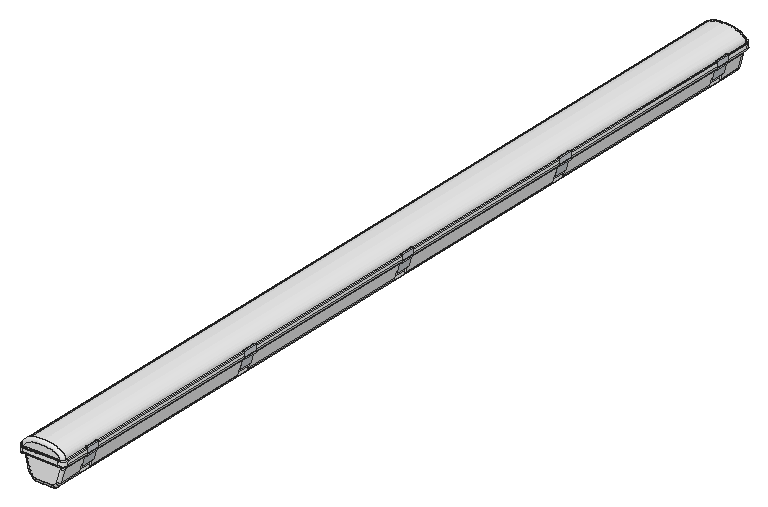
Revit family "0067993 Sylvania Lighting Fixture START Waterproof Single 1500 Opal IP65 3700lm 840", category Lighting Fixtures, host Face, Revit 2016
Family settings
  Host = Face
  Part Type = Normal
  Round Connector Dimension = Use Diameter
  OmniClass Number = 23.80.70.11.14
  OmniClass Title = General Luminaries, Directional
  Cut with Voids When Loaded = No
  Light Source = Yes
  Shared = No
  Room Calculation Point = No
Parameters (values of type "0067993 ST WTRPRF S 1500 OPAL IP65 3700LM 840")
  Width = 84 mm
  Weight = "kg"
  Wattage Comments = "n/a"
  Wattage = 33 W
  WarrantyStartDate [instance] = "n/a"
  WarrantyGuarantorParts = "n/a"
  WarrantyDurationUnit = "n/a"
  WarrantyDurationParts = "n/a"
  WarrantyDescription = "n/a"
  built-in parameter 1150110 = 1 (stored number, unit not read)
  Voltage = 0 V
  URL = "http://www.sylvania-lighting.com"
  TypeName = "START Waterproof Single 1500 Opal IP65 3700lm 840"
  Type Image = <None>
  Type Comments = "n/a"
  built-in parameter 1114217 = 1 (stored number, unit not read)
  Tilt Angle = -90.00°
  built-in parameter 1150109 = 1 (stored number, unit not read)
  built-in parameter 1150134 = 12
  built-in parameter 1150113 = 1 (stored number, unit not read)
  SerialNumber [instance] = "n/a"
  ReflectorMaterial = none
  PowerFactor = 0
  PowerConsumption = "33 W"
  Photometric Web File = "0067993.ies"
  NominalWidth = 0 mm
  NominalLength = 1578 mm
  NominalHeight = 75 mm
  Name = "START Waterproof Single 1500 Opal IP65 3700lm 840"
  ModelReference = "START Waterproof Single 1500 Opal IP65 3700lm 840"
  ModelNumber = "0067993"
  Model = "START Waterproof Single 1500 Opal IP65 3700lm 840"
  Material = "polycarbonate housing, polycarbonate diffuser"
  ManufacturerName = "Feilo Sylvania"
  Manufacturer = "Feilo Sylvania"
  LuminousEfficacy = "112 lm/W"
  built-in parameter 1150105 = 294.12 (stored number, unit not read)
  Lumens = 3696 lm
  LuminaireType = ""
  built-in parameter 1150115 = 1 (stored number, unit not read)
  LightOutputRatio = "n/a"
  built-in parameter 1150137 = (empty or 0)
  built-in parameter 1150139 = (empty or 0)
  Length = 1572 mm
  LampsType = Lamp  # "LED"
  LampNominalLuminous = "3700 lm"
  LampMacAdamStep = "n/a"
  LampColourTemperature = "4000 K"
  LampColourRenderingIndex = "80"
  built-in parameter 1150112 = 1 (stored number, unit not read)
  built-in parameter 1150114 = 1 (stored number, unit not read)
  Lamp = "LED"
  Keynote = "16500"
  InstallationDate [instance] = "n/a"
  InputVoltage = "n/a"
  InputNominalFrequency = "n/a"
  built-in parameter 1150132 = (empty or 0)
  built-in parameter 1150102 = (empty or 0)
  built-in parameter 1150107 = 4000 (stored number, unit not read)
  built-in parameter 1150138 = (empty or 0)
  IngressProtection = "IP65"
  ImpactProtectionIndex = "IK08"
  built-in parameter 1150106 = 2.9412 (stored number, unit not read)
  IfcExportType = "IfcLightFixtureType"
  IfcExportAs = "IfcLightFixtureType"
  ExpectedLife = 50000
  Emit from Rectangle Width = Width - 20 mm  # 64 mm
  Emit from Rectangle Length = Length - 20 mm  # 1552 mm
  Emit Shape Visible in Rendering = no
  ElectricShockClassification = "Class I"
  built-in parameter 1150104 = 10.405 (stored number, unit not read)
  DurationUnit = "hours"
  DocumentationLiterature = "http://www.sylvania-lighting.com/product/en-int/products/0067993"
  DimmingControlOptions = "n/a"
  Dimming Lamp Color Temperature Shift = <None>
  DiffuserMaterial = Diffuser-Sylvania-Transparent
  Description = ""
  Default Elevation = 1219.2 mm
  CreatedOn = "11/27/2018"
  CreatedBy = "@sylvania-lighting.com"
  Cost = 0
  Color Filter = 16777215
  built-in parameter 1114216 [instance] = (empty or 0)
  ClassificationValue = "EF_70_80"
  ClassificationName = "Uniclass2015"
  BodyMaterial = Body-Sylvania-Gray
  BarCode [instance] = "n/a"
  built-in parameter 1114218 = 1 (stored number, unit not read)
  built-in parameter 1150133 = 10 (stored number, unit not read)
  AssetType = "Fixed"
  AssetIdentifier [instance] = "n/a"
  Assembly Code = "D5020200"
  Apparent Load = 33 VA
  AccessoryMaterial = Diffuser-Sylvania-Glow
Reference planes
  plane 1 "Center (Front/Back)": y = 0
  plane 2: z = 0
  plane 3 "Center (Left/Right)": x = 0
  plane 4: z = 54
  plane 5: x = -14.7
  plane 6: x = -21.8
  plane 7: x = -26.6
  plane 8: x = -29.2
  plane 9: z = 3
  plane 10: z = 7.8
  plane 11: z = 12.3
  plane 12: z = 36.6
  plane 13: z = 42.8
  plane 14: x = -38.1
  plane 15: z = 46.2
  plane 16: x = -42
  plane 17: y = 786
  plane 18: y = -786
  plane 19: x = 14.7
  plane 20: x = 21.8
  plane 21: x = 26.6
  plane 22: x = 29.2
  plane 23: x = 38.1
  plane 24: x = 42
  plane 25: y = 778.4
  plane 26: y = -778.4
  plane 27: y = -774.7
  plane 28: y = 774.7
  plane 29: z = 74
  plane 30: x = -38.5
  plane 31: x = 38.5
  plane 32: z = 55.2
  plane 33: y = -782.5
  plane 34: y = 782.5
  plane 35: x = -24.5
  plane 36: x = 24.5
  plane 37: x = -35.7
  plane 38: x = 35.7
  plane 39: z = 50.2
  plane 40: z = 24.6
  plane 41: y = -720
  plane 42: y = -734
  plane 43: y = -706
  plane 44: y = 720
  plane 45: y = -720
  plane 46: y = -734
  plane 47: y = -706
  plane 48: y = 720
  plane 49: y = 706
  plane 50: y = 734
  plane 51: y = -360
  plane 52: y = -374
  plane 53: y = -346
  plane 54: y = 0
  plane 55: y = -14
  plane 56: y = 14
  plane 57: y = 360
  plane 58: y = 346
  plane 59: y = 374
Forms (mm)
  Sweep 1, solid, material "Body-Sylvania-Gray" <- "BodyMaterial", detail levels medium+fine
    path origin (1223.4, -4572, 54) x (0, -1, 0) y (1, 0, 0)
      loop
        arc (-3796, -1265.4) -> (-3788.929, -1262.471) -> (-3786, -1255.4) r 10
        line (-3786, -1255.4) -> (-3786, -1191.4)
        arc (-3786, -1191.4) -> (-3788.929, -1184.329) -> (-3796, -1181.4) r 10
        line (-3796, -1181.4) -> (-5348, -1181.4)
        arc (-5348, -1181.4) -> (-5355.071, -1184.329) -> (-5358, -1191.4) r 10
        line (-5358, -1191.4) -> (-5358, -1255.4)
        arc (-5358, -1255.4) -> (-5355.071, -1262.471) -> (-5348, -1265.4) r 10
        line (-5348, -1265.4) -> (-3796, -1265.4)
    profile origin (-42, 0, 54) x (-1, 0, 0) y (0, 0, 1)
      loop
        line (0, 0) -> (-1, 0) -> (-1, -7.726)
        arc (-1, -7.726) -> (-1.994, -9.498) -> (-3.9, -10.2) r 2.937
        line (-3.9, -10.2) -> (-8.571, -10.2) -> (-8.571, -11.2) -> (-3.9, -11.2)
        arc (-3.9, -11.2) -> (-1.313, -10.231) -> (0, -7.8) r 3.937
        line (0, -7.8) -> (0, 0)
  Sweep 2, solid, material "Body-Sylvania-Gray" <- "BodyMaterial", detail levels medium+fine
    path origin (0, 0, 0) x (1, 0, 0) y (0, 0, 1)
      loop
        line (35.7, 42.8) -> (35.7, 36.6) -> (29.203, 12.31)
        arc (29.203, 12.31) -> (28.199, 9.884) -> (26.6, 7.8) r 10.052
        line (26.6, 7.8) -> (21.8, 3)
        arc (21.8, 3) -> (18.554, 0.781) -> (14.7, 0) r 9.902
        line (14.7, 0) -> (0, 0) -> (-14.7, 0)
        arc (-14.7, 0) -> (-18.554, 0.781) -> (-21.8, 3) r 9.902
        line (-21.8, 3) -> (-26.6, 7.8)
        arc (-26.6, 7.8) -> (-28.199, 9.884) -> (-29.203, 12.31) r 10.052
        line (-29.203, 12.31) -> (-35.7, 36.6) -> (-35.7, 42.8)
    profile origin (0, 0, 0) x (0, 0, -1) y (0, -1, 0)
      loop
        arc (0, 773.4) -> (-1.464, 776.936) -> (-5, 778.4) r 5
        line (-5, 778.4) -> (-7.8, 778.4) -> (-7.8, -778.4) -> (-5, -778.4)
        arc (-5, -778.4) -> (-1.464, -776.936) -> (0, -773.4) r 5
        line (0, -773.4) -> (0, 773.4)
  Extrusion 3, solid, material "Body-Sylvania-Gray" <- "BodyMaterial", detail levels medium+fine
    sketch origin (1524, 778.4, 1219.2) x (1, 0, 0) y (0, 0, 1)
      loop
        arc (-1545.668, -1204.874) -> (-1545.443, -1205.418) -> (-1545.085, -1205.885) r 2.252
        line (-1545.085, -1205.885) -> (-1540.231, -1210.738)
        arc (-1540.231, -1210.738) -> (-1539.534, -1211.227) -> (-1538.7, -1211.4) r 2.102
        line (-1538.7, -1211.4) -> (-1509.3, -1211.4)
        arc (-1509.3, -1211.4) -> (-1508.466, -1211.227) -> (-1507.769, -1210.738) r 2.102
        line (-1507.769, -1210.738) -> (-1502.915, -1205.885)
        arc (-1502.915, -1205.885) -> (-1502.557, -1205.418) -> (-1502.332, -1204.874) r 2.252
        line (-1502.332, -1204.874) -> (-1496.1, -1181.575) -> (-1496.1, -1176.4) -> (-1551.9, -1176.4) -> (-1551.9, -1181.575) -> (-1545.668, -1204.874)
    from 0 to 1556.8
  Sweep 4, solid, material "Diffuser-Sylvania-Transparent" <- "DiffuserMaterial", detail levels medium+fine
    path origin (0, 0, 0) x (1, 0, 0) y (0, 0, 1)
      loop
        spline (-38.5, 55.2) -> (-37.188, 60.066) -> (-33.342, 64.6) -> (-27.224, 68.494) -> (-19.25, 71.481) -> (-9.965, 73.359) -> (0, 74) -> (9.965, 73.359) -> (19.25, 71.481) -> (27.224, 68.494) -> (33.342, 64.6) -> (37.188, 60.066) -> (38.5, 55.2)
    profile origin (38.5, 0, 55.2) x (0, -1, 0) y (1, 0, 0)
      loop
        arc (782.5, -5.5) -> (780.889, -1.611) -> (777, 0) r 5.5
        line (777, 0) -> (-777, 0)
        arc (-777, 0) -> (-780.889, -1.611) -> (-782.5, -5.5) r 5.5
        line (-782.5, -5.5) -> (-782.5, -6.3) -> (-781.5, -6.3) -> (-781.5, -5.5)
        arc (-781.5, -5.5) -> (-780.182, -2.318) -> (-777, -1) r 4.5
        line (-777, -1) -> (777, -1)
        arc (777, -1) -> (780.182, -2.318) -> (781.5, -5.5) r 4.5
        line (781.5, -5.5) -> (781.5, -6.347) -> (782.5, -6.347) -> (782.5, -5.5)
  Extrusion 5, solid, material "Diffuser-Sylvania-Transparent" <- "DiffuserMaterial", detail levels medium+fine
    sketch origin (1524, -782.5, 1219.2) x (1, 0, 0) y (0, 0, 1)
      loop
        line (-1556.653, -1164) -> (-1491.347, -1164)
        spline (-1491.347, -1164) -> (-1491.939, -1161.945) -> (-1494.434, -1159.066) -> (-1499.342, -1155.96) -> (-1506.338, -1153.35) -> (-1514.799, -1151.648) -> (-1524, -1151.047) -> (-1533.201, -1151.648) -> (-1541.662, -1153.35) -> (-1548.658, -1155.96) -> (-1553.566, -1159.066) -> (-1556.061, -1161.945) -> (-1556.653, -1164)
    from 0 to -1
  Extrusion 6, solid, material "Diffuser-Sylvania-Transparent" <- "DiffuserMaterial", detail levels medium+fine
    sketch origin (1524, 782.5, 1219.2) x (1, 0, 0) y (0, 0, 1)
      loop
        spline (-1491.3, -1164) -> (-1491.898, -1161.922) -> (-1494.404, -1159.03) -> (-1499.322, -1155.918) -> (-1506.325, -1153.305) -> (-1514.793, -1151.602) -> (-1524, -1151) -> (-1533.207, -1151.602) -> (-1541.675, -1153.305) -> (-1548.678, -1155.918) -> (-1553.596, -1159.03) -> (-1556.102, -1161.922) -> (-1556.7, -1164)
        line (-1556.7, -1164) -> (-1491.3, -1164)
    from 0 to 1
  Extrusion 7, solid, material "Diffuser-Sylvania-Glow" <- "AccessoryMaterial", detail levels fine
    sketch origin (0, 0, 0) x (1, 0, 0) y (0, 0, 1)
      loop
        circle (0, 50.2) r 8
    from -774.7 to 774.7
  Extrusion 8, void
    sketch origin (0, -720, 2343.807) x (0, 0, -1) y (-1, 0, 0)
      loop
        line (2340.807, -24.5) -> (2331.507, -24.5) -> (2319.207, -29.2) -> (2319.207, -35.7) -> (2340.807, -35.7) -> (2340.807, -24.5)
      loop
        line (2340.807, 24.5) -> (2340.807, 35.7) -> (2319.207, 35.7) -> (2319.207, 29.2) -> (2331.507, 24.5) -> (2340.807, 24.5)
    from 14 to -14
  Extrusion 9, void, not visible
    sketch origin (0, -720, 2343.807) x (0, 0, -1) y (-1, 0, 0)
      loop
        line (2340.807, -24.5) -> (2331.507, -24.5) -> (2319.207, -29.2) -> (2319.207, -35.7) -> (2340.807, -35.7) -> (2340.807, -24.5)
      loop
        line (2340.807, 24.5) -> (2340.807, 35.7) -> (2319.207, 35.7) -> (2319.207, 29.2) -> (2331.507, 24.5) -> (2340.807, 24.5)
    from 14 to -14
  Extrusion 10, void
    sketch origin (0, 720, 2343.807) x (0, 0, -1) y (-1, 0, 0)
      loop
        line (2340.807, -24.5) -> (2331.507, -24.5) -> (2319.207, -29.2) -> (2319.207, -35.7) -> (2340.807, -35.7) -> (2340.807, -24.5)
      loop
        line (2340.807, 24.5) -> (2340.807, 35.7) -> (2319.207, 35.7) -> (2319.207, 29.2) -> (2331.507, 24.5) -> (2340.807, 24.5)
    from 14 to -14
  Extrusion 11, void
    sketch origin (0, -360, 2343.807) x (0, 0, -1) y (-1, 0, 0)
      loop
        line (2340.807, -24.5) -> (2331.507, -24.5) -> (2319.207, -29.2) -> (2319.207, -35.7) -> (2340.807, -35.7) -> (2340.807, -24.5)
      loop
        line (2340.807, 24.5) -> (2340.807, 35.7) -> (2319.207, 35.7) -> (2319.207, 29.2) -> (2331.507, 24.5) -> (2340.807, 24.5)
    from 14 to -14
  Extrusion 12, void
    sketch origin (0, 0, 2343.807) x (0, 0, -1) y (-1, 0, 0)
      loop
        line (2340.807, -24.5) -> (2331.507, -24.5) -> (2319.207, -29.2) -> (2319.207, -35.7) -> (2340.807, -35.7) -> (2340.807, -24.5)
      loop
        line (2340.807, 24.5) -> (2340.807, 35.7) -> (2319.207, 35.7) -> (2319.207, 29.2) -> (2331.507, 24.5) -> (2340.807, 24.5)
    from 14 to -14
  Extrusion 13, void
    sketch origin (0, 360, 2343.807) x (0, 0, -1) y (-1, 0, 0)
      loop
        line (2340.807, -24.5) -> (2331.507, -24.5) -> (2319.207, -29.2) -> (2319.207, -35.7) -> (2340.807, -35.7) -> (2340.807, -24.5)
      loop
        line (2340.807, 24.5) -> (2340.807, 35.7) -> (2319.207, 35.7) -> (2319.207, 29.2) -> (2331.507, 24.5) -> (2340.807, 24.5)
    from 14 to -14
  Extrusion 14, solid, material "Diffuser-Sylvania-Transparent" <- "DiffuserMaterial", detail levels medium+fine
    sketch origin (1223.4, -4572, 54) x (0, -1, 0) y (-1, 0, 0)
      loop
        arc (-5348, 1265.4) -> (-5355.071, 1262.471) -> (-5358, 1255.4) r 10
        line (-5358, 1255.4) -> (-5358, 1191.4)
        arc (-5358, 1191.4) -> (-5355.071, 1184.329) -> (-5348, 1181.4) r 10
        line (-5348, 1181.4) -> (-3796, 1181.4)
        arc (-3796, 1181.4) -> (-3788.929, 1184.329) -> (-3786, 1191.4) r 10
        line (-3786, 1191.4) -> (-3786, 1255.4)
        arc (-3786, 1255.4) -> (-3788.929, 1262.471) -> (-3796, 1265.4) r 10
        line (-3796, 1265.4) -> (-5348, 1265.4)
      loop
        arc (-5354.5, 1190.394) -> (-5352.887, 1186.509) -> (-5349, 1184.9) r 5.5
        line (-5349, 1184.9) -> (-3795, 1184.9)
        arc (-3795, 1184.9) -> (-3791.113, 1186.509) -> (-3789.5, 1190.394) r 5.5
        line (-3789.5, 1190.394) -> (-3789.5, 1256.406)
        arc (-3789.5, 1256.406) -> (-3791.113, 1260.291) -> (-3795, 1261.9) r 5.5
        line (-3795, 1261.9) -> (-5349, 1261.9)
        arc (-5349, 1261.9) -> (-5352.887, 1260.291) -> (-5354.5, 1256.406) r 5.5
        line (-5354.5, 1256.406) -> (-5354.5, 1190.394)
    from 0 to -1.2
  Extrusion 15, solid, material "Body-Sylvania-Gray" <- "BodyMaterial", detail levels coarse
    sketch origin (0, 0, 0) x (1, 0, 0) y (0, 0, 1)
      loop
        line (-42, 55.2) -> (-42, 42.8) -> (-26.6, 0) -> (26.6, 0) -> (42, 42.8) -> (42, 55.2) -> (-42, 55.2)
    from -786 to 786
  Extrusion 16, solid, material "Diffuser-Sylvania-Transparent" <- "DiffuserMaterial", detail levels coarse
    sketch origin (0, 0, 0) x (1, 0, 0) y (0, 0, 1)
      loop
        line (-38.5, 55.2) -> (38.5, 55.2)
        arc (38.5, 55.2) -> (0, 74) -> (-38.5, 55.2) r 48.822
    from -778.4 to 778.4
Cuts and joins
  Extrusion 8, Extrusion 10, Extrusion 11, Extrusion 12, Extrusion 13 cuts Sweep 2
  Extrusion 8, Extrusion 10, Extrusion 11, Extrusion 12, Extrusion 13 cuts Extrusion 3
  joined: Sweep 2, Extrusion 3
  joined: Sweep 4, Extrusion 5, Extrusion 6, Extrusion 14
Dimensions and locks
  locked: plane 4 to plane 2 at 54
  plane 5 to plane 6 to plane 7 to plane 8 to plane 14 to plane 16 = 7.1 mm locked, 4.8 mm locked, 2.6 mm locked, 8.9 mm locked, 3.9 mm locked
  plane 4 to plane 15 to plane 13 to plane 12 to plane 11 to plane 10 to plane 9 = 7.8 mm locked, 3.4 mm, 6.2 mm locked, 24.3 mm locked, 4.5 mm locked, 4.8 mm locked
  equal spacing: plane 18, plane 1 "Center (Front/Back)", plane 17
  "Length": plane 18 to plane 17
  plane 19 to plane 20 to plane 21 to plane 22 to plane 23 to plane 24 = 7.1 mm locked, 4.8 mm locked, 2.6 mm locked, 8.9 mm, 3.9 mm
  equal spacing: plane 24, plane 3 "Center (Left/Right)", plane 16
  "Width": plane 24 to plane 16
  equal spacing: plane 27, plane 1 "Center (Front/Back)", plane 28
  locked: plane 26 to plane 27 at 3.7
  locked: Sweep 1 sketch curve to profile plane at 1
  locked: Sweep 1 sketch curve to plane 13 at 1
  locked: Sweep 1 sketch curve to plane 13 at 3.937  (x2)
  locked: Sweep 1 sketch curve to profile plane at 3.9  (x2)
  plane 29 to plane 4 = 20 mm
  equal spacing: plane 31, plane 3 "Center (Left/Right)", plane 30
  locked: plane 30 to plane 16 at 3.5
  locked: plane 32 to plane 4 at 1.2
  equal spacing: plane 33, plane 1 "Center (Front/Back)", plane 34
  equal spacing: plane 36, plane 3 "Center (Left/Right)", plane 35
  locked: plane 34 to plane 17 at 3.5
  equal spacing: plane 38, plane 3 "Center (Left/Right)", plane 37
  locked: plane 37 to plane 16 at 6.3
  equal spacing: plane 25, plane 1 "Center (Front/Back)", plane 26
  locked: plane 17 to plane 25 at 7.6
  locked: Sweep 2 sketch curve to plane 2 at 5  (x2)
  locked: Sweep 2 sketch curve to plane 26 at 5
  locked: plane 25 to Sweep 2 sketch curve at 5
  locked: Sweep 4 sketch curve to plane 31 at 5.5  (x2)
  locked: Sweep 4 sketch curve to plane 34 at 5.5
  plane 33 to Sweep 4 sketch curve = 5.5 mm
  locked: plane 34 to Sweep 4 sketch curve at 1
  locked: Sweep 4 sketch curve to plane 31 at 1
  locked: Sweep 4 sketch curve to Sweep 4 sketch curve at 1
  locked: Sweep 4 sketch curve to plane 31 at 6.347
  locked: Sweep 4 sketch curve to plane 31 at 6.3
  locked: plane 40 to plane 2 at 24.6
  locked: plane 6 to plane 35 at 2.7
  locked: plane 1 "Center (Front/Back)" to plane 41 at 720
  plane 43 to plane 41 to plane 42 = 14 mm locked, 14 mm locked
  locked: plane 44 to plane 1 "Center (Front/Back)" at 720
  plane 47 to plane 45 to plane 46 = 14 mm locked, 14 mm locked
  plane 50 to plane 48 to plane 49 = 14 mm locked, 14 mm locked  (x2)
  equal spacing: group 1, group 6, group 7, group 8, group 5  (x3)
  plane 53 to plane 51 to plane 52 = 14 mm locked, 14 mm locked  (x2)
  plane 56 to plane 54 to plane 55 = 14 mm locked, 14 mm locked  (x2)
  plane 59 to plane 57 to plane 58 = 14 mm locked, 14 mm locked  (x2)
  plane 48 to plane 57 to plane 1 "Center (Front/Back)" to plane 51 to plane 41 = 360 mm locked, 360 mm locked, 360 mm locked, 360 mm locked
  aligned and locked: plane 2 to host face
  aligned and locked: level to host face
  aligned and locked: plane 16 to Sweep 1 sketch curve
  aligned and locked: Sweep 1 sketch curve to plane 24
  aligned and locked: plane 18 to Sweep 1 sketch curve
  aligned and locked: Sweep 1 sketch curve to plane 13
  aligned and locked: profile plane to Sweep 1 sketch curve
  aligned and locked: plane 3 "Center (Left/Right)" to Sweep 2 sketch curve
  aligned and locked: plane 9 to Sweep 2 sketch curve
  aligned and locked: plane 10 to Sweep 2 sketch curve
  aligned and locked: plane 37 to Sweep 2 sketch curve
  aligned and locked: plane 12 to Sweep 2 sketch curve
  aligned and locked: Sweep 2 sketch curve to level
  aligned and locked: plane 21 to Sweep 2 sketch curve
  aligned and locked: plane 38 to Sweep 2 sketch curve
  aligned and locked: profile plane to Sweep 2 sketch curve
  aligned and locked: plane 25 to Sweep 2 sketch curve
  aligned and locked: Sweep 2 sketch curve to plane 10
  aligned and locked: Extrusion 3 sketch curve to Sweep 2  (x7)
  aligned and locked: Sweep 2 to Extrusion 3 sketch curve
  aligned and locked: Extrusion 3 to plane 25
  aligned and locked: plane 26 to Extrusion 3
  aligned and locked: plane 32 to Sweep 4 sketch curve
  aligned and locked: plane 33 to Sweep 4 sketch curve
  aligned and locked: Sweep 4 to Extrusion 5
  aligned and locked: plane 33 to Extrusion 5
  aligned and locked: plane 39 to Extrusion 7 sketch curve
  aligned and locked: plane 27 to Extrusion 7
  aligned and locked: Extrusion 7 to plane 28
  aligned and locked: Extrusion 6 sketch curve to Sweep 4
  aligned and locked: Extrusion 5 sketch curve to Sweep 4
  aligned and locked: Extrusion 8 to plane 43
  aligned and locked: plane 42 to Extrusion 8
  aligned and locked: Extrusion 10 to plane 50
  aligned and locked: plane 49 to Extrusion 10
  aligned and locked: Extrusion 11 to plane 53
  aligned and locked: plane 52 to Extrusion 11
  aligned and locked: Extrusion 12 to plane 56
  aligned and locked: plane 55 to Extrusion 12
  aligned and locked: Extrusion 13 to plane 59
  aligned and locked: plane 58 to Extrusion 13
  aligned and locked: plane 3 "Center (Left/Right)" to Extrusion 7 sketch curve
  aligned and locked: Extrusion 14 sketch curve to Sweep 1  (x4)
  aligned and locked: Extrusion 14 to plane 32
  aligned and locked: plane 4 to Extrusion 14
  aligned and locked: plane 48 to nested 1
  aligned and locked: plane 57 to nested 2
  aligned and locked: plane 54 to nested 3
  aligned and locked: nested 4 to plane 51
  aligned and locked: nested 5 to plane 41
  aligned and locked: plane 41 to nested 10
  aligned and locked: plane 51 to nested 9
  aligned and locked: plane 54 to nested 8
  aligned and locked: plane 57 to nested 7
  aligned and locked: plane 48 to nested 6
  aligned and locked: plane 1 "Center (Front/Back)" to imposter light
  aligned and locked: plane 3 "Center (Left/Right)" to imposter light
  aligned and locked: imposter light to plane 29
  aligned and locked: plane 7 to Extrusion 15 sketch curve
  aligned and locked: plane 2 to Extrusion 15 sketch curve
  aligned and locked: Extrusion 15 sketch curve to nested 6
  aligned and locked: Extrusion 15 sketch curve to nested 1
  aligned and locked: plane 18 to Extrusion 15
  aligned and locked: Extrusion 15 to plane 17
  aligned and locked: Extrusion 15 to Sweep 1  (x2)
  aligned and locked: plane 30 to Extrusion 16 sketch curve
  aligned and locked: plane 31 to Extrusion 16 sketch curve
  aligned and locked: Extrusion 16 sketch curve to cut or joined group of Sweep 4, Extrusion 5, Extrusion 6, Extrusion 14
  aligned and locked: Extrusion 16 to plane 25
  aligned and locked: plane 26 to Extrusion 16
Automatic sketch dimensions
  host sketch curve to host sketch curve = 2438.4 mm  (x2)
  plane 17 to Sweep 1 sketch curve = 0 mm
  Sweep 1 sketch curve to plane 28 = 1.3 mm
  Sweep 1 sketch curve to plane 7 = 5.4 mm
  plane 27 to Sweep 1 sketch curve = 1.3 mm  (x2)
  Sweep 1 sketch curve to Sweep 1 sketch curve = 4.671 mm
  Sweep 1 sketch curve to plane 4 = 0 mm
  Sweep 2 sketch curve to plane 7 = 0 mm
  Sweep 2 sketch curve to plane 6 = 0 mm
  Sweep 2 sketch curve to plane 5 = 0 mm
  plane 19 to Sweep 2 sketch curve = 0 mm
  Sweep 2 sketch curve to plane 9 = 0 mm
  plane 20 to Sweep 2 sketch curve = 0 mm
  Sweep 2 sketch curve to plane 12 = 0 mm
  Sweep 2 sketch curve to plane 10 = 0 mm
  Sweep 2 sketch curve to plane 13 = 0 mm  (x2)
  Sweep 2 sketch curve to plane 8 = 0.003 mm
  plane 6 to Sweep 2 sketch curve = 2.308 mm
  plane 20 to Sweep 2 sketch curve = 2.308 mm
  Sweep 2 sketch curve to plane 22 = 0.003 mm
  Sweep 2 sketch curve to plane 11 = 0.01 mm  (x2)
  Extrusion 3 sketch curve to plane 5 = 0 mm
  plane 19 to Extrusion 3 sketch curve = 0 mm
  plane 6 to Extrusion 3 sketch curve = 0.132 mm
  plane 6 to Extrusion 3 sketch curve = 0.715 mm
  Extrusion 3 sketch curve to Extrusion 3 sketch curve = 1.592 mm
  Extrusion 3 sketch curve to plane 10 = 0.662 mm  (x2)
  plane 20 to Extrusion 3 sketch curve = 2.308 mm
  plane 20 to Extrusion 3 sketch curve = 0.715 mm
  plane 20 to Extrusion 3 sketch curve = 0.132 mm
  Sweep 4 sketch curve to plane 30 = 0 mm
  Sweep 4 sketch curve to plane 3 "Center (Left/Right)" = 0 mm
  Sweep 4 sketch curve to Sweep 4 sketch curve = 0 mm  (x2)
  plane 37 to Extrusion 6 sketch curve = 3 mm
  Extrusion 6 sketch curve to plane 38 = 3 mm
  plane 37 to Extrusion 5 sketch curve = 3.047 mm
  Extrusion 5 sketch curve to plane 38 = 3.047 mm
  Extrusion 8 sketch curve to Extrusion 8 sketch curve = 0 mm
  Extrusion 8 sketch curve to Extrusion 8 sketch curve = 12.3 mm  (x2)
  Extrusion 8 sketch curve to Extrusion 8 sketch curve = 9.3 mm  (x2)
  Extrusion 8 sketch curve to Extrusion 8 sketch curve = 6.5 mm  (x2)
  Extrusion 8 sketch curve to Extrusion 8 sketch curve = 4.7 mm  (x2)
  Extrusion 8 sketch curve to Extrusion 8 sketch curve = 49 mm
  Extrusion 9 sketch curve to Extrusion 9 sketch curve = 0 mm
  Extrusion 9 sketch curve to Extrusion 9 sketch curve = 12.3 mm  (x2)
  Extrusion 9 sketch curve to Extrusion 9 sketch curve = 9.3 mm  (x2)
  Extrusion 9 sketch curve to Extrusion 9 sketch curve = 6.5 mm  (x2)
  Extrusion 9 sketch curve to Extrusion 9 sketch curve = 4.7 mm  (x2)
  Extrusion 9 sketch curve to Extrusion 9 sketch curve = 49 mm
  Extrusion 10 sketch curve to Extrusion 10 sketch curve = 0 mm
  Extrusion 10 sketch curve to Extrusion 10 sketch curve = 12.3 mm  (x2)
  Extrusion 10 sketch curve to Extrusion 10 sketch curve = 9.3 mm  (x2)
  Extrusion 10 sketch curve to Extrusion 10 sketch curve = 6.5 mm  (x2)
  Extrusion 10 sketch curve to Extrusion 10 sketch curve = 4.7 mm  (x2)
  Extrusion 10 sketch curve to Extrusion 10 sketch curve = 49 mm
  Extrusion 11 sketch curve to Extrusion 11 sketch curve = 0 mm
  Extrusion 11 sketch curve to Extrusion 11 sketch curve = 12.3 mm  (x2)
  Extrusion 11 sketch curve to Extrusion 11 sketch curve = 9.3 mm  (x2)
  Extrusion 11 sketch curve to Extrusion 11 sketch curve = 6.5 mm  (x2)
  Extrusion 11 sketch curve to Extrusion 11 sketch curve = 4.7 mm  (x2)
  Extrusion 11 sketch curve to Extrusion 11 sketch curve = 49 mm
  Extrusion 12 sketch curve to Extrusion 12 sketch curve = 0 mm
  Extrusion 12 sketch curve to Extrusion 12 sketch curve = 12.3 mm  (x2)
  Extrusion 12 sketch curve to Extrusion 12 sketch curve = 9.3 mm  (x2)
  Extrusion 12 sketch curve to Extrusion 12 sketch curve = 6.5 mm  (x2)
  Extrusion 12 sketch curve to Extrusion 12 sketch curve = 4.7 mm  (x2)
  Extrusion 12 sketch curve to Extrusion 12 sketch curve = 49 mm
  Extrusion 13 sketch curve to Extrusion 13 sketch curve = 0 mm
  Extrusion 13 sketch curve to Extrusion 13 sketch curve = 12.3 mm  (x2)
  Extrusion 13 sketch curve to Extrusion 13 sketch curve = 9.3 mm  (x2)
  Extrusion 13 sketch curve to Extrusion 13 sketch curve = 6.5 mm  (x2)
  Extrusion 13 sketch curve to Extrusion 13 sketch curve = 4.7 mm  (x2)
  Extrusion 13 sketch curve to Extrusion 13 sketch curve = 49 mm
  Extrusion 14 sketch curve to plane 34 = 0 mm
  plane 30 to Extrusion 14 sketch curve = 0 mm
  Extrusion 14 sketch curve to plane 31 = 0 mm
  plane 33 to Extrusion 14 sketch curve = 0 mm
  plane 25 to Extrusion 14 sketch curve = 1.4 mm  (x4)
  Extrusion 14 sketch curve to plane 26 = 1.4 mm  (x4)
  plane 37 to Extrusion 14 sketch curve = 2.694 mm  (x2)
  Extrusion 14 sketch curve to plane 38 = 2.694 mm  (x2)
  plane 21 to Extrusion 15 sketch curve = 0 mm
  Extrusion 15 sketch curve to plane 13 = 0 mm  (x2)
  Extrusion 15 sketch curve to plane 32 = 0 mm
  Extrusion 16 sketch curve to plane 40 = 0.578 mm
  radius of Extrusion 7 sketch curve = 8 mm
Nested families
  nested 1: "Clip" at (-29.2, 720, 24.6) x (-1, 0, 0) z (0, 0, 1), type "Clip", detail levels fine
  nested 2: "Clip" at (-29.2, 360, 24.6) x (-1, 0, 0) z (0, 0, 1), type "Clip", detail levels fine
  nested 3: "Clip" at (-29.2, 0, 24.6) x (-1, 0, 0) z (0, 0, 1), type "Clip", detail levels fine
  nested 4: "Clip" at (-29.2, -360, 24.6) x (-1, 0, 0) z (0, 0, 1), type "Clip", detail levels fine
  nested 5: "Clip" at (-29.2, -720, 24.6) x (-1, 0, 0) z (0, 0, 1), type "Clip", detail levels fine
  nested 6: "Clip" at (29.2, 720, 24.6), type "Clip", detail levels fine
  nested 7: "Clip" at (29.2, 360, 24.6), type "Clip", detail levels fine
  nested 8: "Clip" at (29.2, 0, 24.6), type "Clip", detail levels fine
  nested 9: "Clip" at (29.2, -360, 24.6), type "Clip", detail levels fine
  nested 10: "Clip" at (29.2, -720, 24.6), type "Clip", detail levels fine
Connectors
  electrical at (0, 0, 0), driven by "Apparent Load"
    settings: index 1, voltage 230 V, apparent load 33 VA, apparent load phase1 0 VA, apparent load phase2 0 VA, apparent load phase3 0 VA, power factor 0, load classification "Lighting", number of poles 1, system type 30, power factor state 1, is connector primary yes, connector utility no, sub classification motor no, connector description ""
Definition of nested family "Clip"
  Parameters (values of type "Clip")
    URL = "http://www.feilosylvania.com"
    Type Comments = "n/a"
    Model = "n/a"
    Manufacturer = "Feilo Sylvania"
    Keynote = "n/a"
    Description = "n/a"
    Default Elevation = 1219.2 mm
    Cost = 0
    BodyMaterial = none
    Assembly Code = "n/a"
  Reference planes
    plane 1 "Center (Front/Back)": y = 0
    plane 2: z = 0
    plane 3 "Center (Left/Right)": x = 0
    plane 4: x = 3.3
    plane 5: x = 6.5
    plane 6: x = 8.9
    plane 7: x = 12.8
    plane 8: z = 12
    plane 9: z = 18.2
    plane 10: z = 21.6
    plane 11: z = 30.6
    plane 12: x = 9.3
    plane 13: z = 19.2
    plane 14: z = 16.2
    plane 15: x = 10.1
    plane 16: y = 12
    plane 17: y = -12
  Forms (mm)
    Extrusion 1, solid
      sketch origin (-0.8, 0, 0) x (1, 0, 0) y (0, 1, 0)
        loop
          line (-1219.2, 1219.2) -> (-1219.2, -1219.2) -> (1219.2, -1219.2) -> (1219.2, 1219.2) -> (-1219.2, 1219.2)
      from 0 to -304.8
    Extrusion 2, solid
      sketch origin (0, 0, 0) x (1, 0, 0) y (0, 0, 1)
        loop
          line (8.9, 16.2) -> (4.58, 0) -> (0, 0) -> (0, -0.8) -> (5.195, -0.8) -> (9.603, 15.731) -> (13.6, 18.806) -> (13.6, 30.6)
          arc (13.6, 30.6) -> (11.45, 32.75) -> (9.3, 30.6) r 2.15
          line (9.3, 30.6) -> (10.1, 30.6)
          arc (10.1, 30.6) -> (11.45, 31.95) -> (12.8, 30.6) r 1.35
          line (12.8, 30.6) -> (12.8, 19.2) -> (8.9, 16.2)
      from -12 to 12
  Lines and regions (mm)
    reference lines
      curve 1: line (3.3, 0, 0) -> (6.5, 0, 12)
      curve 2: arc (8.9, 0, 18.2) -> (11.488, 0, 19.169) -> (12.8, 0, 21.6) r 3.934
  Dimensions and locks
    plane 7 to plane 6 to plane 5 to plane 4 to plane 3 "Center (Left/Right)" = 3.9 mm locked, 2.4 mm locked, 3.2 mm locked, 3.3 mm locked
    plane 11 to plane 10 to plane 9 to plane 8 to plane 2 = 9 mm locked, 3.4 mm locked, 6.2 mm locked, 12 mm locked
    locked: plane 7 to plane 12 at 3.5
    locked: plane 13 to plane 9 at 1
    locked: plane 9 to plane 14 at 2
    locked: plane 15 to plane 12 at 0.8
    locked: plane 2 to Extrusion 2 sketch curve at 0.8
    locked: Extrusion 2 sketch curve to Extrusion 2 sketch curve at 0.8  (x3)
    locked: plane 7 to Extrusion 2 sketch curve at 1.35
    equal spacing: plane 17, plane 1 "Center (Front/Back)", plane 16
    locked: plane 1 "Center (Front/Back)" to plane 16 at 12
    aligned and locked: plane 2 to Extrusion 1
    aligned and locked: level to Extrusion 1
    aligned and locked: plane 4 to curve 1
    aligned and locked: plane 5 to curve 1
    aligned and locked: plane 6 to curve 2
    aligned and locked: plane 10 to curve 2
    aligned and locked: plane 14 to Extrusion 2 sketch curve
    aligned and locked: plane 13 to Extrusion 2 sketch curve
    aligned and locked: plane 7 to Extrusion 2 sketch curve
    aligned and locked: plane 3 "Center (Left/Right)" to Extrusion 2 sketch curve
    aligned and locked: Extrusion 2 sketch curve to level
    aligned and locked: Extrusion 2 sketch curve to plane 11
    aligned and locked: plane 11 to Extrusion 2 sketch curve
    aligned and locked: Extrusion 2 to plane 16
    aligned and locked: plane 17 to Extrusion 2
  Automatic sketch dimensions
    Extrusion 1 sketch curve to Extrusion 1 sketch curve = 2438.4 mm  (x2)
    curve 2 to plane 7 = 0 mm
    curve 1 to level = 0 mm
    curve 1 to plane 8 = 0 mm
    curve 2 to plane 9 = 0 mm
    plane 6 to curve 2 = 0.002 mm
    Extrusion 2 sketch curve to Extrusion 2 sketch curve = 0 mm
    Extrusion 2 sketch curve to plane 6 = 0 mm
    plane 4 to Extrusion 2 sketch curve = 1.28 mm
